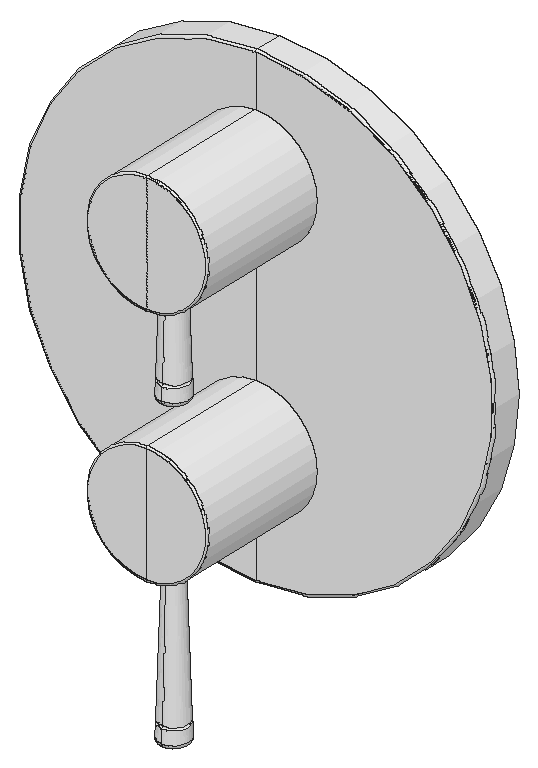
Revit family "Shower_Trim-American_Standard-Serin-T064.740_Series", category Plumbing Fixtures, Revit 2015
Parameters (values of type "T064.740.002")
  WFU = 4  # constant formula
  URL = "http://www.americanstandard-us.com"
  Product URL = "https://www.americanstandard-us.com/bathroom/shower-faucets/serin-2-handle-thermostatic-valve-trim-kit-18179"
  Model = "T064.740.002"
  Material = Brass-American Standard-002-Polished Chrome
  Manufacturer = "American Standard"
  Hydronic Supply Radius = 1/4"
  Hot Water Connection Radius = 1/4"
  HWFU = 3  # constant formula
  Description = "Serin 2-Handle Thermostatic Valve Trim Kit"  # constant formula
  Default Elevation = 44"  # constant formula
  Cold Water Connection Radius = 1/4"
  CWFU = 3  # constant formula
  Assembly Code = "D2010710"
Types (3): name | Model | Material
  (no name) | "T064.740.002" | Brass-American Standard-002-Polished Chrome
  T064.740.002 | "T064.740.002" | Brass-American Standard-002-Polished Chrome
  T064.740.295 | "T064.740.295" | Brass-American Standard-295-Brushed Nickel
Reference planes (in)
  plane 1 "Center (Front/Back)": y = 0
  plane 2: z = 0
  plane 3 "Center (Left/Right)": x = 0
  plane 4: z = 3.9375
Forms (in)
  Revolve 1, solid, material "Brass-American Standard-002-Polished Chrome" <- "Material"
    sketch origin (0, 0, -3.625) x (0, 1, 0) y (0, 0, 1)
      loop
        line (-0.5, 3.625) -> (0, 3.625) -> (0, 7.5625) -> (-0.46883, 7.5625)
        arc (-0.46883, 7.5625) -> (-0.49087, 7.55337) -> (-0.5, 7.53133) r 0.03117
        line (-0.5, 7.53133) -> (-0.5, 3.625)
      axis (0, 3.625) -> (-0.5, 3.625)
    angle from 0 to 360
  Revolve 2, solid, material "Brass-American Standard-002-Polished Chrome" <- "Material"
    sketch origin (0, 0, -4.96875) x (0, 1, 0) y (0, 0, 1)
      loop
        line (-2.75179, 3.02822) -> (-2.75179, 2.05477)
        arc (-2.75179, 2.05477) -> (-2.74401, 2.036) -> (-2.72524, 2.02822) r 0.02655
        line (-2.72524, 2.02822) -> (-0.08505, 2.02822) -> (-0.08505, 3.02822) -> (-2.75179, 3.02822)
      axis (-0.08505, 3.02822) -> (-2.75179, 3.02822)
    angle from 0 to 360
  Revolve 3, solid, material "Brass-American Standard-002-Polished Chrome" <- "Material"
    sketch origin (0, 0, -5.84375) x (0, 1, 0) y (0, 0, 1)
      loop
        line (-2.19599, 4.16096) -> (-2.19599, 0.31321) -> (-2.01151, 0.31321)
        arc (-2.01151, 0.31321) -> (-1.96656, 0.3323) -> (-1.94905, 0.37789) r 0.0625
        line (-1.94905, 0.37789) -> (-1.95645, 0.58979)
        arc (-1.95645, 0.58979) -> (-1.98029, 0.61209) -> (-1.95807, 0.636) r 0.02312
        line (-1.95807, 0.636) -> (-2.08116, 4.16096) -> (-2.19599, 4.16096)
      axis (-2.19599, 4.16096) -> (-2.19599, 0.31321)
    angle from 0 to 360
  Extrusion 4, solid, not visible
    sketch origin (-6.71635, 0.71318, -5.70973) x (1, 0, 0) y (0, 1, 0)
      loop
        circle (6.71635, -0.46538) r 0.25
    from 3.7295 to 7.64794
  Extrusion 5, solid, not visible
    sketch origin (5.68872, 0.71318, -6.73736) x (0, 0, 1) y (0, 1, 0)
      loop
        circle (6.71635, -0.46538) r 0.25
    from 3.7295 to 7.64794
  Revolve 6, solid, material "Brass-American Standard-002-Polished Chrome" <- "Material"
    sketch origin (0, 0, -0.96875) x (0, 1, 0) y (0, 0, 1)
      loop
        line (-2.75179, 3.02822) -> (-2.75179, 2.05477)
        arc (-2.75179, 2.05477) -> (-2.74401, 2.036) -> (-2.72524, 2.02822) r 0.02655
        line (-2.72524, 2.02822) -> (-0.08505, 2.02822) -> (-0.08505, 3.02822) -> (-2.75179, 3.02822)
      axis (-0.08505, 3.02822) -> (-2.75179, 3.02822)
    angle from 0 to 360
  Revolve 7, solid, material "Brass-American Standard-002-Polished Chrome" <- "Material"
    sketch origin (0, 0, -0.96875) x (0, 1, 0) y (0, 0, 1)
      loop
        line (-2.19599, 2.04013) -> (-2.19599, 0.50071) -> (-2.01151, 0.50071)
        arc (-2.01151, 0.50071) -> (-1.96656, 0.5198) -> (-1.94905, 0.56539) r 0.0625
        line (-1.94905, 0.56539) -> (-1.95645, 0.77729)
        arc (-1.95645, 0.77729) -> (-1.97994, 0.79629) -> (-1.96457, 0.8223) r 0.02312
        line (-1.96457, 0.8223) -> (-2.0071, 2.04013) -> (-2.19599, 2.04013)
      axis (-2.19599, 2.04013) -> (-2.19599, 0.50071)
    angle from 0 to 360
Connectors (in)
  piping at (0, 0.24779, 1.93821), diameter 0.5, driven by "Hydronic Supply Radius"
    settings: on Extrusion 4, index 5, connector inside diameter 1/2", connector length 0", flow factor 0, pipe flow 0 GPM, pressure drop 0.00 psi, fitting loss kfactor 0, connector angle 0.00°, fixture units 0, engagement length 0", angle of deflection 0.00°, flow configuration 0, flow direction 0, fitting loss method 0, system type 29, joint type 0, gender type 0, connector reference index -1, connector utility 0, adjustable connector no, is connector primary yes, connector description ""
  piping at (-1.95922, 0.24779, -0.02101), diameter 0.5, driven by "Hot Water Connection Radius"
    settings: on Extrusion 5, index 6, connector inside diameter 1/2", connector length 0", flow factor 0, pipe flow 0 GPM, pressure drop 0.00 psi, fitting loss kfactor 0, connector angle 0.00°, fixture units 0, engagement length 0", angle of deflection 0.00°, flow configuration 3, flow direction 1, fitting loss method 0, system type 19, joint type 0, gender type 0, connector reference index -1, connector utility 0, adjustable connector no, is connector primary no, connector description ""
  piping at (0, 0.24779, -1.98023), diameter 0.5
    settings: on Extrusion 4, index 7, connector inside diameter 1/2", connector length 0", flow factor 0, pipe flow 0 GPM, pressure drop 0.00 psi, fitting loss kfactor 0, connector angle 0.00°, fixture units 0, engagement length 0", angle of deflection 0.00°, flow configuration 0, flow direction 2, fitting loss method 0, system type 29, joint type 0, gender type 0, connector reference index -1, connector utility 0, adjustable connector no, is connector primary no, connector description ""
  piping at (1.95922, 0.24779, -0.02101), diameter 0.5, driven by "Cold Water Connection Radius"
    settings: on Extrusion 5, index 8, connector inside diameter 1/2", connector length 0", flow factor 0, pipe flow 0 GPM, pressure drop 0.00 psi, fitting loss kfactor 0, connector angle 0.00°, fixture units 0, engagement length 0", angle of deflection 0.00°, flow configuration 3, flow direction 1, fitting loss method 0, system type 20, joint type 0, gender type 0, connector reference index -1, connector utility 0, adjustable connector no, is connector primary no, connector description ""
